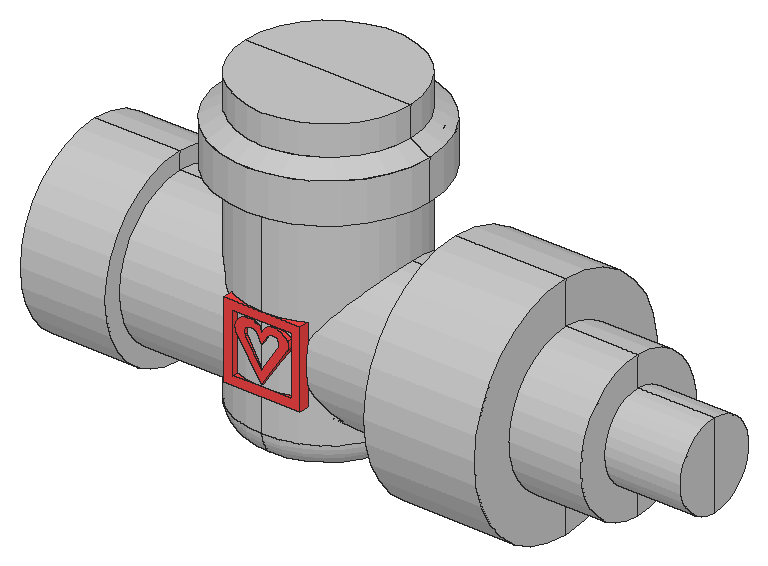
Revit family "RL-5 Rücklaufventil DG 3923", category Rohrzubehör, Revit 2020
Family settings
  Bemaßung runder Anschluss = Durchmesser verwenden
  Teiletyp = Unterbricht
  OmniClass-Nummer = 23.65.55.14
  OmniClass-Titel = Valves for Liquid Services
  Arbeitsebenenbasiert = Nein
  Immer vertikal = Nein
  Beim Laden mit Abzugskörper schneiden = Nein
  Gemeinsam genutzt = Nein
Parameters
  W02 [instance] = 70.00°  # constant formula
  W01 = 120.00°  # constant formula
  Vorgabe-Ansicht = 0.000 mm
  URL = "www.herz-armaturen.at"
  SCRNSEQ = "ARM;ARM_TYP=\"ALLF\";2"
  SCRNCODE = "05;01;02"  # constant formula
  S04 = 45.000 mm  # constant formula
  S03 = 61.000 mm  # constant formula
  S02 [instance] = L05 + L06 + L07  # 45.500 mm
  S01 = 10.000 mm  # constant formula
  R05 = 9.750 mm  # constant formula
  R04 = 12.000 mm  # constant formula
  R02 = 9.750 mm  # constant formula
  R01 = 11.000 mm  # constant formula
  Nennweite [instance] = 10.000 mm
  Medium = "Heizwasserqualität entsprechend ÖNORM H 5195 bzw. VDI-Richtllinie 2035."
  Max.Betriebstemperatur = 120 °C  # constant formula
  Max.Betriebsdruck = 1000000.0 Pa  # constant formula
  L07 [instance] = size_lookup("3923_5_", "L7", 1.000 mm, Nennweite)  # 17.500 mm
  L06 [instance] = size_lookup("3923_5_", "L6", 1.000 mm, Nennweite)  # 13.000 mm
  L05 [instance] = L02 - L04  # 15.000 mm
  L04 [instance] = size_lookup("3923_5_", "L4", 1.000 mm, Nennweite)  # 7.500 mm
  L03 [instance] = size_lookup("3923_5_", "L3", 1.000 mm, Nennweite)  # 10.000 mm
  L02 [instance] = size_lookup("3923_5_", "L2", 1.000 mm, Nennweite)  # 22.500 mm
  L01 [instance] = size_lookup("3923_5_", "L1", 1.000 mm, Nennweite)  # 27.500 mm
  Hersteller = "HERZ Armaturen Ges.m.b.H"  # constant formula
  H06 = 3.500 mm  # constant formula
  H05 = 9.500 mm  # constant formula
  H04 [instance] = H02 - H03  # 16.000 mm
  H03 = 5.000 mm  # constant formula
  H02 [instance] = 21.000 mm  # constant formula
  H01 [instance] = size_lookup("3923_5_", "H1", 1.000 mm, Nennweite)  # 14.000 mm
  Gehäuse = "vernickeltes Messing"  # constant formula
  GTI [instance] = size_lookup("3923_5_", "GT1", 1.000 mm, Nennweite)  # 9.000 mm
  GT [instance] = size_lookup("3923_5_", "GT", 1.000 mm, Nennweite)  # 9.500 mm
  G2 [instance] = Nennweite / 2  # 5.000 mm
  G1 [instance] = Nennweite / 2  # 5.000 mm
  D05 [instance] = size_lookup("3923_5_", "D5", 1.000 mm, Nennweite)  # 8.500 mm
  D04 [instance] = size_lookup("3923_5_", "D4", 1.000 mm, Nennweite)  # 13.500 mm
  D03 [instance] = size_lookup("3923_5_", "D3", 1.000 mm, Nennweite)  # 7.940 mm
  D02 [instance] = size_lookup("3923_5_", "D2", 1.000 mm, Nennweite)  # 9.000 mm
  D01 [instance] = size_lookup("3923_5_", "D1", 1.000 mm, Nennweite)  # 11.000 mm
  Bestellnummer [instance] = size_lookup("3923_5_", "Artnr", 0, Nennweite)  # 1392300
  Ausführungen = "Alle Modelle werden in vernickelter Ausführung geliefert und sind Universalmodelle mit Spezialmuffe für Gewinderohr\r\nund Klemmsetanschluß."
  Anwendungsgebiet = "Warmwasser-Heizungsanlagen\r\nDurch den Einbau des Rücklaufventils ist der Heizkörper-Rücklaufanschluß absperrbar.\r\nBei gleichzeitiger Absperrung des Vorlaufventils kann der Heizkörper bei unter Druck stehender Anlage demontiert werden.\r\nServicearbeiten oder Arbeiten an der Wand hinter dem Heizkörper (Tapezierung, Verfliesung) sind durchführbar, ohne die übrige Anlage stillsetzen zu müssen.\r\nMit dem HERZ-RL-5-Ventil kann die durch den Heizkörper strömende Wassermenge entsprechend der geforderten Leistung genau einreguliert werden.\r\nDies empfiehlt sich besonders beim Einbau von Thermostatventilen ohne Voreinstellung, weil durch die Begrenzung der Wassermenge voll wirksam wird und das hydraulische Gleichgewicht der Anlage erhalten bleibt.\r\nÜber das HERZ-RL-5-Ventil kann der Heizkörper oder die Anlage gefüllt oder entleert werden."
Reference planes
  plane 1 "Mitte (Vorne/hinten)": y = 0
  plane 2: z = 0
  plane 3 "Mitte (Links/rechts)": x = 0
Forms (mm)
  Revolve 1, solid, material "Messing, vernickelt", detail levels fine
    sketch origin (0, 0, 0) x (1, 0, 0) y (0, 0, 1)
      loop
        line (-18, 0) -> (22.5, 0) -> (22.5, 7.94) -> (15, 7.94) -> (15, 9) -> (-17.5, 9) -> (-17.5, 11) -> (-27.5, 11) -> (-27.5, 5) -> (-18, 5) -> (-18, 0)
      axis (-27.5, 0) -> (22.5, 0)
    angle from 0 to 360
  Revolve 2, solid, material "Messing, vernickelt", detail levels fine
    sketch origin (0, 0, 0) x (0, 1, 0) y (0, 0, 1)
      loop
        line (0, 21) -> (-11, 21) -> (-11, 16) -> (-9.75, 16) -> (-9.75, -8.456)
        arc (-9.75, -8.456) -> (-9.408, -9.847) -> (-8.46, -10.921) r 3
        line (-8.46, -10.921) -> (0, -14) -> (0, 21)
      axis (0, -14) -> (0, 21)
    angle from 0 to 360
  Revolve 3, solid, material "Messing, vernickelt", detail levels fine
    sketch origin (0, 0, 0) x (1, 0, 0) y (0, 0, 1)
      loop
        line (22.5, 0) -> (45.5, 0) -> (45.5, 5) -> (36.5, 5) -> (36.5, 8.5) -> (28, 8.5) -> (28, 13.5) -> (15, 13.5) -> (15, 7.94) -> (22.5, 7.94) -> (22.5, 0)
      axis (15, 0) -> (45.5, 0)
    angle from 0 to 360
  Revolve 4, solid, material "Messing, vernickelt", detail levels fine
    sketch origin (0, 0, 9) x (1, 0, 0) y (0, 0, 1)
      loop
        line (0, 7) -> (12, 7) -> (12, 11.701) -> (9.75, 13) -> (9.75, 16.5) -> (0, 16.5) -> (0, 7)
      axis (0, 16.5) -> (0, 7)
    angle from 0 to 360
Lines and regions (mm)
  model lines, detail levels coarse+medium
    curve 1: line (-27.5, 0, 11) -> (-27.5, 0, -11)
    curve 2: line (-27.5, 0, -11) -> (27.5, 0, 11)
    curve 3: line (27.5, 0, 11) -> (27.5, 0, -11)
    curve 4: line (27.5, 0, -11) -> (-27.5, 0, 11)
    curve 5: line (27.5, 0, 11) -> (37.5, 0, 11)
    curve 6: line (37.5, 0, 11) -> (27.5, 0, 0)
    curve 7: line (27.5, 0, -11) -> (37.5, 0, -11)
    curve 8: line (37.5, 0, -11) -> (27.5, 0, 0)
    curve 9: line (27.5, 0, 0) -> (45.5, 0, 0)
    curve 10: line (-27.5, 11, 0) -> (-27.5, -11, 0)
    curve 11: line (-27.5, -11, 0) -> (27.5, 11, 0)
    curve 12: line (27.5, 11, 0) -> (27.5, -11, 0)
    curve 13: line (27.5, -11, 0) -> (-27.5, 11, 0)
    curve 14: line (27.5, 11, 0) -> (37.5, 11, 0)
    curve 15: line (37.5, 11, 0) -> (27.5, 0, 0)
    curve 16: line (27.5, -11, 0) -> (37.5, -11, 0)
    curve 17: line (37.5, -11, 0) -> (27.5, 0, 0)
Dimensions and locks
  "L01": Revolve 1 sketch curve to plane 3 "Mitte (Links/rechts)"
  "L02": Revolve 1 sketch curve to plane 3 "Mitte (Links/rechts)"
  "G1": Revolve 1 sketch curve to plane 2
  "GT": Revolve 1 sketch curve to Revolve 1 sketch curve
  "D01": Revolve 1 sketch curve to Revolve 1 sketch curve
  "D02": Revolve 1 sketch curve to Revolve 1 sketch curve
  "D03": Revolve 1 sketch curve to Revolve 1 sketch curve
  "L03": Revolve 1 sketch curve to Revolve 1 sketch curve
  "L04": Revolve 1 sketch curve to Revolve 1 sketch curve
  "H02": Revolve 2 sketch curve to plane 2
  "R01": Revolve 2 sketch curve to plane 1 "Mitte (Vorne/hinten)"
  "D03": Revolve 3 sketch curve to plane 2
  "L04": Revolve 3 sketch curve to Revolve 3 sketch curve
  "L05": Revolve 3 sketch curve to plane 3 "Mitte (Links/rechts)"
  "L06": Revolve 3 sketch curve to Revolve 3 sketch curve
  "L07": Revolve 3 sketch curve to Revolve 3 sketch curve
  "D04": Revolve 3 sketch curve to Revolve 3 sketch curve
  "G2": Revolve 3 sketch curve to Revolve 3 sketch curve
  "D05": Revolve 3 sketch curve to Revolve 3 sketch curve
  "GTI": Revolve 3 sketch curve to Revolve 3 sketch curve
  "D01": curve 4 to plane 2 to curve 2
  "D01": curve 3 to plane 2 to curve 4
  "L01": curve 1 to plane 3 "Mitte (Links/rechts)" to curve 3
  "S01": curve 3 to curve 6
  "S02": curve 9 to plane 3 "Mitte (Links/rechts)"
  "L01": curve 10 to plane 3 "Mitte (Links/rechts)" to curve 12
  "D01": curve 11 to plane 1 "Mitte (Vorne/hinten)" to curve 13
  "D01": curve 13 to plane 1 "Mitte (Vorne/hinten)" to curve 12
  "S01": curve 12 to curve 15
  "S01": curve 12 to curve 17
  "H03": Revolve 2 sketch curve to Revolve 2 sketch curve
  "R02": Revolve 2 sketch curve to Revolve 2 sketch curve
  "H05": Revolve 4 sketch curve to Revolve 4 sketch curve
  "R05": Revolve 4 sketch curve to Revolve 4 sketch curve
  "R04": Revolve 4 sketch curve to Revolve 4 sketch curve
  "H06": Revolve 4 sketch curve to Revolve 4 sketch curve
  "H04": Revolve 4 sketch curve to plane 2
  "D02": nested 1 to plane 1 "Mitte (Vorne/hinten)"
  "H01": plane 2 to Revolve 2 sketch curve
  "W01": angle Revolve 4 sketch curve to Revolve 4 sketch curve
  "W02": angle Revolve 2 sketch curve to Revolve 2 sketch curve
  aligned and locked: level to plane 2
Automatic sketch dimensions
  curve 9 to level = 0.000 mm
  curve 3 to curve 8 = 10.000 mm
  plane 1 "Mitte (Vorne/hinten)" to curve 17 = 0.000 mm
  Revolve 1 sketch curve to level = 0.000 mm  (x2)
  Revolve 1 sketch curve to Revolve 1 sketch curve = 1436.530 mm
  Revolve 1 sketch curve to Revolve 1 sketch curve = 1779.148 mm
  Revolve 2 sketch curve to plane 1 "Mitte (Vorne/hinten)" = 0.000 mm  (x2)
  Revolve 2 sketch curve to Revolve 2 sketch curve = 1.290 mm
  Revolve 2 sketch curve to Revolve 2 sketch curve = 1.710 mm
  Revolve 2 sketch curve to Revolve 2 sketch curve = 98.333 mm
  Revolve 2 sketch curve to Revolve 2 sketch curve = 1236.335 mm
  Revolve 3 sketch curve to level = 0.000 mm  (x2)
  Revolve 3 sketch curve to plane 3 "Mitte (Links/rechts)" = 1506.530 mm
  Revolve 3 sketch curve to Revolve 3 sketch curve = 1789.648 mm
  Revolve 4 sketch curve to plane 3 "Mitte (Links/rechts)" = 0.000 mm  (x2)
  Revolve 4 sketch curve to level = 357.045 mm
  Revolve 4 sketch curve to Revolve 4 sketch curve = 2188.615 mm
Nested families
  nested 1: "Herz-Logo-vorne" at (0, -9, 0) x (0, 1, 0) z (0, 0, 1), type "Herz-Logo-vorne", detail levels fine
Connectors
  piping at (-18, 0, 0), diameter 10, driven by "Nennweite"
    settings: on Revolve 1, index 1, connector inside diameter 609.6 mm, connector length 0.000 mm, flow factor 0, pipe flow 0.0 L/s, pressure drop 0.0 Pa, fitting loss kfactor 0, connector angle 0.00°, fixture units 0, engagement length 0.000 mm, angle of deflection 0.00°, flow configuration 0, flow direction 1, fitting loss method 0, system type 8, joint type 0, gender type 0, connector reference index -1, connector utility 0, adjustable connector no, is connector primary yes, connector description ""
  piping at (45.5, 0, 0), diameter 10, driven by "Nennweite"
    settings: on Revolve 3, index 2, connector inside diameter 609.6 mm, connector length 0.000 mm, flow factor 0, pipe flow 0.0 L/s, pressure drop 0.0 Pa, fitting loss kfactor 0, connector angle 0.00°, fixture units 0, engagement length 0.000 mm, angle of deflection 0.00°, flow configuration 0, flow direction 2, fitting loss method 0, system type 8, joint type 0, gender type 0, connector reference index -1, connector utility 0, adjustable connector no, is connector primary no, connector description ""
Definition of nested family "Herz-Logo-vorne"
  Parameters (values of type "Herz-Logo-vorne")
    Default Elevation = 0.000 mm
  Reference planes
    plane 1 "Mitte (Vorne/hinten)": y = 0
    plane 2: z = 0
    plane 3 "Mitte (Links/rechts)": x = 0
  Forms (mm)
    Extrusion 1, solid
      sketch origin (0.732, -0.018, 0.017) x (0, -1, 0) y (0, 0, 1)
        loop
          line (-0.018, -4.517) -> (4.482, -4.517) -> (4.482, 4.483) -> (-4.518, 4.483) -> (-4.518, -4.517) -> (-0.018, -4.517)
        loop
          line (-0.05, -3.48) -> (3.482, -3.48) -> (3.482, 3.483) -> (-3.518, 3.483) -> (-3.518, -3.48) -> (-0.05, -3.48)
        loop
          arc (-0.018, 2.383) -> (-1.543, 3.287) -> (-3.067, 2.383) r 1.738
          arc (-3.067, 2.383) -> (-3.191, 1.899) -> (-3.067, 1.415) r 1.009
          line (-3.067, 1.415) -> (-0.018, -3.281) -> (3.032, 1.415)
          arc (3.032, 1.415) -> (3.156, 1.899) -> (3.032, 2.383) r 1.009
          arc (3.032, 2.383) -> (1.507, 3.287) -> (-0.018, 2.383) r 1.738
        loop
          arc (1.885, 1.272) -> (2.005, 1.675) -> (1.885, 2.079) r 0.74
          arc (1.885, 2.079) -> (1.265, 2.416) -> (0.644, 2.079) r 0.74
          line (0.644, 2.079) -> (-0.018, 0.97) -> (-0.679, 2.079)
          arc (-0.679, 2.079) -> (-1.3, 2.416) -> (-1.921, 2.079) r 0.74
          arc (-1.921, 2.079) -> (-2.04, 1.675) -> (-1.921, 1.272) r 0.74
          line (-1.921, 1.272) -> (-0.018, -1.658) -> (1.885, 1.272)
      from 0 to 1.5
  Dimensions and locks
    aligned and locked: level to plane 2
